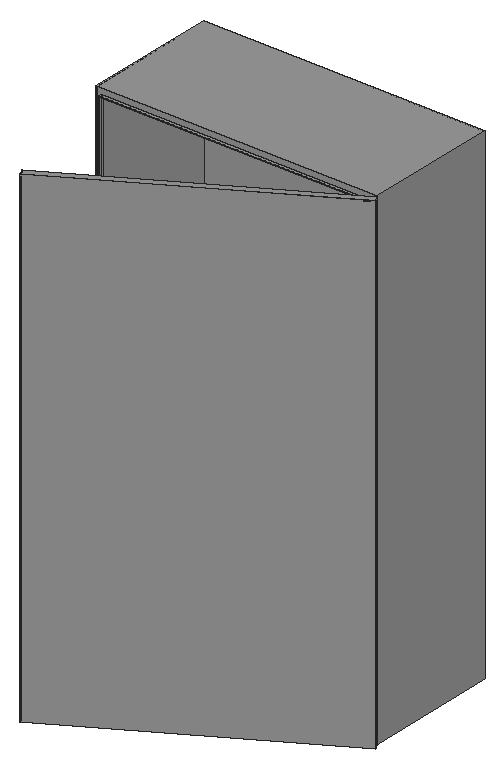
Revit family "Hager-Univers-IP55-D400-H1400-Cl.I-Steel_encl-NoHosted-NL-en", category Equipement électrique, Revit 2020
Family settings
  Configuration du panneau = Deux colonnes, circuits au sein
  Cote de connecteur circulaire = Utiliser le diamètre
  Type d'élément = Tableau de raccordement
  Basée sur le plan de construction = Oui
  Toujours verticalement = Oui
  Couper avec des vides une fois chargée = Non
  Partagée = Non
  Point de calcul de pièce = Non
Parameters (values of type "Surface mounted (plaster) IP55 W800 H1400 D400  - FR93G")
  Width Control [instance] = if([EF000008 - Width] > Min Width, [EF000008 - Width], Min Width)  # 800 mm
  Commentaires du type = [HG000003 - Range]  # "Univers"
  Thickness Door [instance] = if([EF009171 - Material plate thickness door/cover] > 3 mm, 3 mm, [EF009171 - Material plate thickness door/cover])  # 1.5 mm
  Seal Frame Offset [instance] = 17 mm  # constant formula
  Plinth Visibility [instance] = [HG000027 - Plinth height] > 0 mm  # no
  Min Width [instance] = 100 mm  # constant formula
  Min Depth [instance] = (2 * [EF009170 - Material plate thickness cabinet]) + 1 mm  # 4 mm
  Min Height [instance] = 100 mm  # constant formula
  Internal Frame Depth [instance] = (Door System Depth * 0.5)  # 9 mm
  Panel Name [instance] = ""  # (empty or 0)
  Model = ""
  HG000027 - Plinth height = 0 mm
  HG000026 - Floor standing = no
  HG000024 - Bottom section height = 600 mm
  HG000023 - Double section enclosure = no
  HG000016 - Door 3d visibility [instance] = yes
  HG000015 - Clearance visibility [instance] = no
  HG000014 - Door on the right [instance] = yes
  HG000013 - Door on the left [instance] = not([HG000014 - Door on the right])  # no
  HG000012 - Door swing angle [instance] = 30.00°
  HG000010 - Asymmetric doors = no
  HG000009 - Double swing door = no
  HG000006 - Flush mounted = no
  HG000004 - Manufacturer reference = "FR93G"
  HG000003 - Range = "Univers"
  HG000002 - With door or cover = yes
  Frame Offset Bottom [instance] = 10 mm  # constant formula
  Frame Offset [instance] = 15 mm  # constant formula
  EF015940 - Cover with overpressure release = no
  EF011959 - Degree of protection (NEMA) = ""
  EF009554 - Number of openings for flange plates = 6
  EF009212 - Cover model = "EV000116 - Closed"
  EF009171 - Material plate thickness door/cover = 1.5 mm
  EF009170 - Material plate thickness cabinet = 1.5 mm
  EF008873 - Nominal current (In) = 800 A
  EF007800 - Suitable for lightning protection = no
  EF006306 - With lock = no
  EF006244 - Transparent cover/door = no
  EF005474 - Degree of protection (IP) = "EV006420 - IP55"
  EF004464 - Type of door = "EV002646 - Single"
  EF004427 - Number of modules = 324
  EF004293 - Impact strength = "EV008784 - IK10"
  EF003532 - Suitable for outdoor use = no
  EF002950 - Width in number of modular spacings = 24
  EF001613 - Circuit integrity = "EV000494 - None"
  EF001596 - Material housing = "EV000179 - Steel"
  EF001131 - Internal depth = 400 mm
  EF001088 - Extension possible = yes
  EF000437 - Number of conduit inlets = 6
  EF000339 - Type of cover = "EV004216 - Door"
  EF000266 - Number of rows = 9
  EF000218 - Built-in depth = 0 mm
  EF000118 - With mounting plate = no
  EF000116 - RAL-number = "7035"
  EF000049 - Depth = 400 mm
  EF000040 - Height = 1400 mm
  EF000008 - Width = 800 mm
  EF000007 - Colour = "EV000270 - Grey"
  EF000003 - Mounting method = "EV000384 - Surface mounted (plaster)"
  Door System Leaf Tolerance [instance] = 1.5 mm  # constant formula
  Door System Depth [instance] = 18 mm  # constant formula
  Door Height [instance] = Height Control - [HG000027 - Plinth height]  # 1400 mm
  Description = ""
  Default Elevation = 1219.2 mm
  Connector Offset [instance] = Height Control / 2  # 700 mm
  Fabricant = "Hager"  # constant formula
  Height Control [instance] = if([EF000040 - Height] > Min Height, [EF000040 - Height], Min Height)  # 1400 mm
  Depth Control [instance] = if([EF000049 - Depth] > Min Depth, [EF000049 - Depth], Min Depth)  # 400 mm
  Bottom Top Plate Trim [instance] = 1.5 mm  # constant formula
  Plinth height Ctrl [instance] = if([HG000027 - Plinth height] > 0 mm, [HG000027 - Plinth height], 12 mm)  # 12 mm
Types (3, lengths in mm): name | Width Control | HG000009 - Double swing door | HG000004 - Manufacturer reference | EF009554 - Number of openings for flange plates | EF004464 - Type of door | EF004427 - Number of modules | EF000437 - Number of conduit inlets | EF000008 - Width
  Surface mounted (plaster) IP55 W1050 H1400 D400  - FR94G | 1050 | yes | "FR94G" | 8 | "EV003602 - Double" | 432 | 8 | 1050
  Surface mounted (plaster) IP55 W550 H1400 D400  - FR92G | 550 | no | "FR92G" | 4 | "EV002646 - Single" | 216 | 4 | 550
  Surface mounted (plaster) IP55 W800 H1400 D400  - FR93G | 800 | no | "FR93G" | 6 | "EV002646 - Single" | 324 | 6 | 800
Reference planes
  plane 1 "Center (Front/Back)": y = 0
  plane 2: z = 0
  plane 3 "Center (Left/Right)": x = 0
  plane 4: y = 0
  plane 5: y = 0
  plane 6: z = 0
  plane 7: x = -400
  plane 8: x = 400
  plane 9: x = 398.5
  plane 10: x = -398.5
  plane 11: z = 0
  plane 12: z = 1.5
  plane 13: y = -400
  plane 14: y = -1.5
  plane 15: x = 0
  plane 16: y = -382
  plane 17: y = -398.5
  plane 18: y = -380.5
  plane 19: x = -383.5
  plane 20: x = 383.5
  plane 21: z = 11.5
  plane 22: x = -383
  plane 23: x = 383
  plane 24: z = 0
  plane 25: z = 1400
  plane 26: z = 1400
  plane 27: z = 1383.5
  plane 28: z = 1398.5
Forms (mm)
  Extrusion 1, solid, material "Hager_Steel_RAL7035_Light_Grey", detail levels medium+fine
    sketch origin (-208.679, -4572, 0) x (-1, 0, 0) y (0, -1, 0)
      loop
        line (191.321, -4190) -> (-608.679, -4190) -> (-608.679, -4572) -> (191.321, -4572) -> (191.321, -4190)
    from 0 to 1400
  Extrusion 2, void
    sketch origin (-350.771, -400, 1219.2) x (1, 0, 0) y (0, 0, 1)
      loop
        line (-47.729, 179.3) -> (-47.729, -1217.7) -> (749.271, -1217.7) -> (749.271, 179.3) -> (-47.729, 179.3)
    from -19.5 to -398.5
  Extrusion 3, void
    sketch origin (-290.084, -382, 1219.2) x (1, 0, 0) y (0, 0, 1)
      loop
        line (-93.416, -1207.7) -> (673.584, -1207.7) -> (673.584, 164.3) -> (-93.416, 164.3) -> (-93.416, -1207.7)
    from 0 to -1.5
  Extrusion 4, solid, material "Hager_Steel_RAL7035_Light_Grey", visible <- "Plinth Visibility", detail levels medium+fine
    sketch origin (0, 0, 0) x (1, 0, 0) y (0, 1, 0)
      loop
        line (-400, 0) -> (-400, -382) -> (400, -382) -> (400, 0) -> (-400, 0)
    from 0 to 12 <- "Plinth height Ctrl"
  Extrusion 5, solid, material "Hager_Steel_RAL7035_Light_Grey", detail levels coarse
    sketch origin (0, 0, 0) x (1, 0, 0) y (0, 1, 0)
      loop
        line (-400, 0) -> (-400, -400) -> (400, -400) -> (400, 0) -> (-400, 0)
    from 0 to 1400 <- "Height Control"
  Sweep 6, void
    path in 3D
      loop
        line (-400, -382, 12) -> (400, -382, 12) -> (400, 0, 12) -> (-400, 0, 12) -> (-400, -382, 12)
    profile origin (-400, -191, 12) x (1, 0, 0) y (0, 0, 1)
      loop
        line (0, 0) -> (0, -1.5) -> (1.5, -1.5)
        arc (1.5, -1.5) -> (1.061, -0.439) -> (0, 0) r 1.5
  Extrusion 7, solid, material "Hager_Steel_RAL7035_Light_Grey", detail levels fine
    sketch origin (-400, -382, 0) x (1, 0, 0) y (0, 0, 1)
      loop
        line (16.5, 11.5) -> (783.5, 11.5) -> (783.5, 1383.5) -> (16.5, 1383.5) -> (16.5, 11.5)
      loop
        line (15, 10) -> (785, 10) -> (785, 1385) -> (15, 1385) -> (15, 10)
    from 0 to 9 <- "Internal Frame Depth"
Cuts and joins
  Extrusion 2, Extrusion 3 cuts Extrusion 1
  Sweep 6 cuts Extrusion 4
Lines and regions (mm)
  Masking region 1
    outline origin (0, 0, 0) x (1, 0, 0) y (0, 1, 0)
      loop
        line (-400, 0) -> (-400, -400) -> (400, -400) -> (400, 0) -> (-400, 0)
  Masking region 2, detail levels coarse
    outline origin (-290.084, -382, 1219.2) x (-1, 0, 0) y (0, 0, 1)
      loop
        line (-690.084, -1219.2) -> (109.916, -1219.2) -> (109.916, 180.8) -> (-690.084, 180.8) -> (-690.084, -1219.2)
  Masking region 3, detail levels coarse
    outline origin (0, 0, 0) x (0, 1, 0) y (0, 0, 1)
      loop
        line (0, 0) -> (0, 1400) -> (-400, 1400) -> (-400, 0) -> (0, 0)
  Masking region 4, visible <- "Plinth Visibility", detail levels medium+fine
    outline origin (0, 0, 0) x (0, 1, 0) y (0, 0, 1)
      loop
        line (-1.5, 12) -> (-380.5, 12)
        arc (-380.5, 12) -> (-380.939, 10.939) -> (-382, 10.5) r 1.5
        line (-382, 10.5) -> (-382, 0) -> (0, 0) -> (0, 10.5)
        arc (0, 10.5) -> (-1.061, 10.939) -> (-1.5, 12) r 1.5
  Masking region 5, detail levels medium+fine
    outline origin (0, 0, 594.038) x (0, 1, 0) y (0, 0, 1)
      loop
        line (0, -594.038) -> (0, 805.962) -> (-382, 805.962) -> (-382, -594.038) -> (0, -594.038)
  Masking region 6, detail levels medium+fine
    outline origin (-359.7, -382, 1211.883) x (-1, 0, 0) y (0, 0, 1)
      loop
        line (-759.7, -1211.883) -> (40.3, -1211.883) -> (40.3, 188.117) -> (-759.7, 188.117) -> (-759.7, -1211.883)
  Masking region 7, visible <- "Plinth Visibility", detail levels medium+fine
    outline origin (-320.334, -382, 1041.368) x (-1, 0, 0) y (0, 0, 1)
      loop
        line (-720.334, -1041.368) -> (79.666, -1041.368) -> (79.666, -1030.868)
        arc (79.666, -1030.868) -> (78.606, -1030.429) -> (78.166, -1029.368) r 1.5
        line (78.166, -1029.368) -> (-718.834, -1029.368)
        arc (-718.834, -1029.368) -> (-719.273, -1030.429) -> (-720.334, -1030.868) r 1.5
        line (-720.334, -1030.868) -> (-720.334, -1041.368)
  sketch lines
    curve 1: line (-400, 0, 12) -> (-400, -382, 12)
    curve 2: line (-400, -382, 12) -> (400, -382, 12)
    curve 3: line (400, 0, 12) -> (-400, 0, 12)
    curve 4: line (400, -382, 12) -> (400, 0, 12)
Dimensions and locks
  locked: plane 1 "Center (Front/Back)" to plane 5
  "EF009170 - Material plate thickness cabinet": plane 7 to plane 10
  "EF009170 - Material plate thickness cabinet": plane 8 to plane 9
  equal spacing: plane 7, plane 3 "Center (Left/Right)", plane 8
  "Width Control": plane 7 to plane 8
  "Depth Control": plane 4 to plane 13
  "EF009170 - Material plate thickness cabinet": plane 4 to plane 14
  "Height Control": plane 25 to level
  "HG000027 - Plinth height": plane 11 to level
  "EF009170 - Material plate thickness cabinet": plane 12 to plane 11
  "EF009170 - Material plate thickness cabinet": plane 17 to plane 13
  "EF009170 - Material plate thickness cabinet": plane 18 to plane 16
  "Frame Offset Bottom": plane 21 to plane 12
  "Frame Offset": plane 10 to plane 19
  "Frame Offset": plane 9 to plane 20
  "Door System Depth": plane 16 to plane 13
  "Seal Frame Offset": plane 7 to plane 22
  "Seal Frame Offset": plane 8 to plane 23
  "EF009170 - Material plate thickness cabinet": plane 26 to plane 28
  "Frame Offset": plane 28 to plane 27
  "Connector Offset": plane 2 to connector elem
  "Bottom Top Plate Trim": profile plane to Sweep 6 sketch curve
  "Bottom Top Plate Trim": Sweep 6 sketch curve to Sweep 6 sketch curve
  "Plinth height Ctrl": Masking region 4 sketch curve to level
  "Plinth height Ctrl": Masking region 7 sketch curve to level
  "Thickness Door": Extrusion 7 sketch curve to Extrusion 7 sketch curve  (x4)
  "Bottom Top Plate Trim": radius of Sweep 6 sketch curve
  "Bottom Top Plate Trim": radius of Masking region 4 sketch curve  (x2)
  "Bottom Top Plate Trim": radius of Masking region 7 sketch curve  (x2)
  aligned and locked: Extrusion 2 sketch curve to plane 12
  aligned and locked: Extrusion 2 sketch curve to plane 9
  aligned and locked: Extrusion 2 sketch curve to plane 10
  aligned and locked: Extrusion 2 to plane 14
  aligned and locked: Extrusion 1 sketch curve to plane 4
  aligned and locked: plane 8 to Extrusion 1 sketch curve
  aligned and locked: plane 7 to Extrusion 1 sketch curve
  aligned and locked: Extrusion 2 to plane 18
  aligned and locked: Extrusion 3 sketch curve to plane 19
  aligned and locked: plane 20 to Extrusion 3 sketch curve
  aligned and locked: Extrusion 3 to Extrusion 2
  aligned and locked: Extrusion 3 sketch curve to plane 21
  aligned and locked: plane 3 "Center (Left/Right)" to nested 1
  aligned and locked: Extrusion 1 sketch curve to plane 16
  aligned and locked: Extrusion 4 sketch curve to cut or joined group of Extrusion 1, Extrusion 2, Extrusion 3
  aligned and locked: Masking region 1 sketch curve to plane 7
  aligned and locked: Masking region 1 sketch curve to plane 5
  aligned and locked: Masking region 1 sketch curve to plane 8
  aligned and locked: Masking region 2 sketch curve to level
  aligned and locked: level to Masking region 3 sketch curve
  aligned and locked: plane 1 "Center (Front/Back)" to Masking region 3 sketch curve
  aligned and locked: plane 13 to Masking region 3 sketch curve
  aligned and locked: plane 5 to Masking region 4 sketch curve
  aligned and locked: Masking region 2 sketch curve to plane 8
  aligned and locked: Masking region 2 sketch curve to plane 7
  aligned and locked: plane 7 to nested 2
  aligned and locked: nested 2 to plane 5
  aligned and locked: plane 5 to Masking region 5 sketch curve
  aligned and locked: plane 26 to Masking region 5 sketch curve
  aligned and locked: Extrusion 5 sketch curve to plane 8
  aligned and locked: Extrusion 5 sketch curve to plane 7
  aligned and locked: Extrusion 5 sketch curve to plane 5
  aligned and locked: Extrusion 3 sketch curve to plane 27
  aligned and locked: Extrusion 2 sketch curve to plane 28
  aligned and locked: Masking region 2 to plane 25
  aligned and locked: Extrusion 4 to plane 16
  aligned and locked: profile plane to Sweep 6 sketch curve
  aligned and locked: Masking region 5 sketch curve to plane 24
  aligned and locked: level to Masking region 4 sketch curve
  aligned and locked: Masking region 1 to plane 13
  aligned and locked: nested 1 to plane 16
  aligned and locked: Masking region 3 to plane 25
  aligned and locked: plane 16 to Masking region 4 sketch curve
  aligned and locked: Masking region 5 sketch curve to plane 16
  aligned and locked: plane 24 to plane 11
  aligned and locked: plane 26 to plane 25
  aligned and locked: plane 26 to cut or joined group of Extrusion 1, Extrusion 2, Extrusion 3
  aligned and locked: nested 1 to plane 24
  aligned and locked: Extrusion 1 to Extrusion 3
  aligned and locked: Masking region 6 sketch curve to plane 8
  aligned and locked: Masking region 6 sketch curve to plane 24
  aligned and locked: Masking region 6 sketch curve to plane 7
  aligned and locked: Masking region 6 sketch curve to plane 26
  aligned and locked: Masking region 7 sketch curve to plane 7
  aligned and locked: level to Masking region 7 sketch curve
  aligned and locked: Masking region 7 sketch curve to plane 8
  aligned and locked: Extrusion 7 sketch curve to cut or joined group of Extrusion 1, Extrusion 2, Extrusion 3  (x4)
Automatic sketch dimensions
  plane 19 to Extrusion 3 sketch curve = 0 mm
  Extrusion 3 sketch curve to plane 20 = 0 mm
  Extrusion 3 sketch curve to plane 21 = 0 mm
  Extrusion 4 sketch curve to plane 7 = 0 mm
  Extrusion 4 sketch curve to plane 8 = 0 mm
  Extrusion 4 sketch curve to plane 16 = 0 mm
  Masking region 1 sketch curve to plane 13 = 0 mm
  Masking region 2 sketch curve to plane 25 = 0 mm
  Masking region 3 sketch curve to plane 25 = 0 mm
  Extrusion 5 sketch curve to plane 13 = 0 mm
  profile plane to Sweep 6 sketch curve = 0 mm
Nested families
  nested 1: "EC000058_Univers_Door" at (0, -382, 0), Double <- "HG000009 - Double swing door", Transparent <- "EF006244 - Transparent cover/door", Angle <- "HG000012 - Door swing angle", Door_Right <- "HG000014 - Door on the right", Assymetrical <- "HG000010 - Asymmetric doors", Door <- "HG000002 - With door or cover", Width_Ctrl <- "Width Control", 3d_Door <- "HG000016 - Door 3d visibility", Clearance <- "HG000015 - Clearance visibility", Door_Left <- "HG000013 - Door on the left", Width <- "Width Control", Door_Depth <- "Door System Depth", Leaf_Tolerance <- "Door System Leaf Tolerance", Height <- "Door Height", Lock_Visibility <- "EF006306 - With lock", Thickness <- "Thickness Door", type "EC000058_Univers_Door", detail levels medium+fine
    with min_wh 4 mm, Width_Ctrl 800 mm, Width 800 mm, Transparent no, Thickness 1.5 mm, Seal_Material Hager_Rubber, Lock_Visibility no, Lock_Material Hager_Plastic_RAL9005_Jet_Black, Leaf_Width 800 mm, Leaf_Tolerance_External_Sides 0 mm, Leaf_Tolerance 1.5 mm, Leaf_Offset 0 mm, Leaf_Height 1397 mm, Leaf_2_Width 800 mm, Leaf_2_Offset 400 mm, Leaf_1_Width 800 mm, Leaf_1_Offset 400 mm, Height_Ctrl 1400 mm, Height 1400 mm, Glass_Material Hager_Glass, Double_Clearance_Ctrl no, Double no, Door_Right_Ctrl yes, Door_Right yes, Door_Material Hager_Steel_RAL7035_Light_Grey, Door_Left_Ctrl no, Door_Left no, Door_Depth 18 mm, Door yes, Clearance_Material Hager_Clearance, Clearance_Depth 800 mm, Clearance_Ctrl no, Clearance no, Assymetrical no, Angle 30.00°, 3d_Door yes
  nested 2: "Hager_Enclosure_Symbol" at (-400, 0, 0), Height <- "Depth Control", Width <- "Width Control", type "Hager_Enclosure_Symbol"
    with Width_Ctrl 800 mm, Width 800 mm, Height_Ctrl 400 mm, Height 400 mm, A_Width_Int 26.25 mm, A_Width 315 mm, A_Height_Ctrl 350 mm, A_Height 350 mm
Connectors
  electrical at (0, 0, 700)
    settings: on plane 1 "Center (Front/Back)", index 1, voltage 0 V, apparent load 0 VA, apparent load phase1 0 VA, apparent load phase2 0 VA, apparent load phase3 0 VA, power factor 1, load classification "Other", number of poles 1, system type 30, power factor state 1, is connector primary yes, connector utility no, sub classification motor no, connector description ""
Definition of nested family "EC000058_Univers_Door"
  Parameters (values of type "EC000058_Univers_Door")
    min_wh [instance] = (2 * Thickness) + 1 mm  # 11 mm
    Width_Ctrl [instance] = 400 mm
    Width [instance] = 500 mm
    Transparent [instance] = yes
    Thickness [instance] = 5 mm
    Seal_Material [instance] = none
    Lock_Visibility [instance] = yes
    Lock_Material [instance] = none
    Leaf_Width [instance] = if((Width_Ctrl - 2 * Leaf_Tolerance_External_Sides) > 0 mm, (Width_Ctrl - 2 * Leaf_Tolerance_External_Sides), min_wh)  # 400 mm
    Leaf_Tolerance_External_Sides [instance] = 0 mm  # constant formula
    Leaf_Tolerance [instance] = 1.5 mm
    Leaf_Offset [instance] = 0 mm  # constant formula
    Leaf_Height [instance] = if((Height_Ctrl - 2 * Leaf_Tolerance) > 0 mm, (Height_Ctrl - 2 * Leaf_Tolerance), min_wh)  # 497 mm
    Leaf_2_Width [instance] = if(and(and(Double, Assymetrical), Door_Left), (Leaf_Width / 3) - (Leaf_Tolerance / 2), if(and(and(Double, Assymetrical), Door_Right), (Leaf_Width / 3) * 2 - (Leaf_Tolerance / 2), if(and(Double, not(Assymetrical)), (Leaf_Width / 2) - Leaf_Tolerance, Leaf_Width)))  # 400 mm
    Leaf_2_Offset [instance] = if(and(Double, Assymetrical), Leaf_2_Width / 2, if(and(Double, not(Assymetrical)), Leaf_Width / 4, Leaf_Width / 2))  # 200 mm
    Leaf_1_Width [instance] = if(and(and(Double, Assymetrical), Door_Right), (Leaf_Width / 3) - (Leaf_Tolerance / 2), if(and(and(Double, Assymetrical), Door_Left), (Width / 3) * 2 - (Leaf_Tolerance / 2), if(and(Double, not(Assymetrical)), (Leaf_Width / 2) - Leaf_Tolerance, Leaf_Width)))  # 400 mm
    Leaf_1_Offset [instance] = if(and(Double, Assymetrical), Leaf_1_Width / 2, if(and(Double, not(Assymetrical)), Leaf_Width / 4, Leaf_Width / 2))  # 200 mm
    Height_Ctrl [instance] = if(Height > min_wh, Height, min_wh)  # 500 mm
    Height [instance] = 500 mm
    Glass_Material [instance] = none
    Double_Clearance_Ctrl [instance] = and(Double, Clearance)  # no
    Double [instance] = no
    Door_Right_Ctrl [instance] = and(or(Door_Right, Double), Door)  # yes
    Door_Right [instance] = yes
    Door_Material [instance] = none
    Door_Left_Ctrl [instance] = and(or(Door_Left, Double), Door)  # no
    Door_Left [instance] = no
    Door_Depth [instance] = 30 mm
    Door [instance] = yes
    Default Elevation = 1219.2 mm
    Clearance_Material [instance] = none
    Clearance_Depth [instance] = if(Leaf_1_Width > Leaf_2_Width, Leaf_1_Width, Leaf_2_Width)  # 400 mm
    Clearance_Ctrl [instance] = and(not(Double), Clearance)  # yes
    Clearance [instance] = yes
    Assymetrical [instance] = yes
    Angle [instance] = 30.00°
    3d_Door [instance] = yes
  Reference planes
    plane 1 "Center (Front/Back)": y = 0
    plane 2 "Bottom": z = 0
    plane 3 "Center (Left/Right)": x = 0
    plane 4: z = 500
    plane 5: x = -200
    plane 6: x = 200
    plane 7: z = 500
    plane 8: x = -200
    plane 9: z = 0
    plane 10: x = 200
    plane 11: y = 0
    plane 12: z = 1.5
    plane 13: x = -600
    plane 14: y = -400
    plane 15: x = 600
    plane 16: x = 0
    plane 17: x = 0
    plane 18: x = -200
    plane 19: x = 200
    plane 20: z = 498.5
  Forms (mm)
    Extrusion 1, solid, material <- "Clearance_Material", visible <- "Double_Clearance_Ctrl"
      sketch origin (1200, 0, 0) x (1, 0, 0) y (0, 0, -1)
        loop
          line (-1800, -498.5) -> (-600, -498.5) -> (-600, 0) -> (-1800, 0) -> (-1800, -498.5)
      from 0 to -400
  Dimensions and locks
    equal spacing: plane 5, plane 3 "Center (Left/Right)", plane 6
    "Width_Ctrl": plane 5 to plane 6
    "Leaf_Offset": plane 5 to plane 8
    "Leaf_Offset": plane 6 to plane 10
    "Leaf_Offset": plane 9 to level
    "Leaf_Offset": plane 4 to plane 7
    "Height_Ctrl": plane 4 to level
    "Leaf_Tolerance": plane 12 to plane 9
    locked: plane 11 to plane 1 "Center (Front/Back)"
    "Leaf_1_Offset": plane 18 to plane 16
    "Leaf_2_Offset": plane 17 to plane 19
    "Leaf_1_Width": plane 13 to plane 8
    "Leaf_2_Width": plane 10 to plane 15
    "Clearance_Depth": plane 14 to plane 1 "Center (Front/Back)"
    "Leaf_Tolerance_External_Sides": plane 8 to plane 18
    "Leaf_Tolerance_External_Sides": plane 19 to plane 10
    "Leaf_Tolerance": plane 7 to plane 20
    aligned and locked: level to plane 2 "Bottom"
    aligned and locked: nested 1 to plane 16
    aligned and locked: nested 2 to plane 17
    aligned and locked: Extrusion 1 to plane 13
    aligned and locked: plane 15 to Extrusion 1
    aligned and locked: Extrusion 1 to plane 14
    aligned and locked: plane 12 to nested 1
    aligned and locked: nested 2 to plane 12
    aligned and locked: Extrusion 1 to plane 11
    aligned and locked: plane 20 to Extrusion 1
    aligned and locked: nested 2 to plane 11
    aligned and locked: nested 1 to plane 11
  Automatic sketch dimensions
    Extrusion 1 sketch curve to level = 0 mm
    plane 5 to Extrusion 1 sketch curve = 400 mm
    plane 6 to Extrusion 1 sketch curve = 400 mm
    Extrusion 1 sketch curve to plane 4 = 1.5 mm
  Nested families
    nested 1: "EC000058_Univers_Door_Leaf" at (0, 0, 1.5), Width <- "Leaf_1_Width", visible <- "Door_Left_Ctrl", Leaf_Height <- "Leaf_Height", Angle <- "Angle", 3d_Door <- "3d_Door", Transparent <- "Transparent", Clearance Material <- "Clearance_Material", Clearance <- "Clearance_Ctrl", Door_Material <- "Door_Material", Glass_Material <- "Glass_Material", Door_Depth <- "Door_Depth", Lock_Material <- "Lock_Material", Seal_Material <- "Seal_Material", Lock_Visibility <- "Lock_Visibility", Thickness <- "Thickness", type "EC000058_Univers_Door_Leaf"
      with Width 400 mm, Transparent_Glass_Offset 30 mm, Transparent_Ctrl yes, Transparent yes, Thickness 5 mm, Standard no, Seal_Material none, Seal_D2 8 mm, Seal_D1 1 mm, Offset_Internal_Frame 10 mm, Lock_Width 20 mm, Lock_Visibility_3d yes, Lock_Visibility yes, Lock_Thickness_3 3 mm, Lock_Thickness_2 1 mm, Lock_Thickness_1 3 mm, Lock_Radius_Offset_2 16 mm, Lock_Radius_Offset_1 15 mm, Lock_Radius_2 5 mm, Lock_Radius 6 mm, Lock_Offset 5 mm, Lock_Material none, Lock_Height 80 mm, Lock_Cover_Top_Offset_2d 17 mm, Lock_Cover_Height -65 mm, Leaf_Height 497 mm, Internal_Seal_Thickness 8 mm, Internal_Seal_Depth_2 4.5 mm, Internal_Frame_Depth 25 mm, Glass_Thickness -1 mm, Glass_Offset -2 mm, Glass_Material none, Door_Material none, Door_Depth 30 mm, Clearance Material none, Clearance yes, Angle_Ctrl 30.00°, Angle 30.00°, 3d_Door yes
    nested 2: "EC000058_Univers_Door_Leaf" at (0, 0, 1.5) x (-1, 0, 0) z (0, 0, 1), Width <- "Leaf_2_Width", visible <- "Door_Right_Ctrl", Leaf_Height <- "Leaf_Height", Angle <- "Angle", 3d_Door <- "3d_Door", Transparent <- "Transparent", Clearance Material <- "Clearance_Material", Clearance <- "Clearance_Ctrl", Door_Material <- "Door_Material", Glass_Material <- "Glass_Material", Door_Depth <- "Door_Depth", Lock_Material <- "Lock_Material", Seal_Material <- "Seal_Material", Lock_Visibility <- "Lock_Visibility", Thickness <- "Thickness", type "EC000058_Univers_Door_Leaf"
      with Width 400 mm, Transparent_Glass_Offset 30 mm, Transparent_Ctrl yes, Transparent yes, Thickness 5 mm, Standard no, Seal_Material none, Seal_D2 8 mm, Seal_D1 1 mm, Offset_Internal_Frame 10 mm, Lock_Width 20 mm, Lock_Visibility_3d yes, Lock_Visibility yes, Lock_Thickness_3 3 mm, Lock_Thickness_2 1 mm, Lock_Thickness_1 3 mm, Lock_Radius_Offset_2 16 mm, Lock_Radius_Offset_1 15 mm, Lock_Radius_2 5 mm, Lock_Radius 6 mm, Lock_Offset 5 mm, Lock_Material none, Lock_Height 80 mm, Lock_Cover_Top_Offset_2d 17 mm, Lock_Cover_Height -65 mm, Leaf_Height 497 mm, Internal_Seal_Thickness 8 mm, Internal_Seal_Depth_2 4.5 mm, Internal_Frame_Depth 25 mm, Glass_Thickness -1 mm, Glass_Offset -2 mm, Glass_Material none, Door_Material none, Door_Depth 30 mm, Clearance Material none, Clearance yes, Angle_Ctrl 30.00°, Angle 30.00°, 3d_Door yes
  Definition of nested family "EC000058_Univers_Door_Leaf"
    Parameters (values of type "EC000058_Univers_Door_Leaf")
      Width [instance] = 2000 mm
      Transparent_Glass_Offset [instance] = 30 mm
      Transparent_Ctrl [instance] = and(Transparent, [3d_Door])  # yes
      Transparent [instance] = yes
      Thickness [instance] = 5 mm
      Standard [instance] = and(not(Transparent), [3d_Door])  # no
      Seal_Material [instance] = none
      Seal_D2 [instance] = 8 mm  # constant formula
      Seal_D1 [instance] = 1 mm  # constant formula
      Offset_Internal_Frame [instance] = 10 mm  # constant formula
      Lock_Width [instance] = 20 mm  # constant formula
      Lock_Visibility_3d [instance] = and(Lock_Visibility, [3d_Door])  # yes
      Lock_Visibility [instance] = yes
      Lock_Thickness_3 [instance] = 3 mm  # constant formula
      Lock_Thickness_2 [instance] = 1 mm  # constant formula
      Lock_Thickness_1 [instance] = 3 mm  # constant formula
      Lock_Radius_Offset_2 [instance] = Lock_Radius_Offset_1 + 1 mm  # 16 mm
      Lock_Radius_Offset_1 [instance] = 15 mm  # constant formula
      Lock_Radius_2 [instance] = Lock_Radius - 1 mm  # 5 mm
      Lock_Radius [instance] = 6 mm  # constant formula
      Lock_Offset [instance] = 5 mm  # constant formula
      Lock_Material [instance] = none
      Lock_Height [instance] = 80 mm  # constant formula
      Lock_Cover_Top_Offset_2d [instance] = Lock_Radius_Offset_2 + 1 mm  # 17 mm
      Lock_Cover_Height [instance] = -(Lock_Height - Lock_Radius_Offset_1)  # -65 mm
      Leaf_Height [instance] = 2720.336 mm
      Internal_Seal_Thickness [instance] = 8 mm  # constant formula
      Internal_Seal_Depth_2 [instance] = 4.5 mm  # constant formula
      Internal_Frame_Depth [instance] = if(Door_Depth - Thickness > 5 mm, Door_Depth - Thickness, 5 mm)  # 25 mm
      Glass_Thickness [instance] = if(Thickness > 15 mm, Glass_Offset + 10 mm, -1 mm)  # -1 mm
      Glass_Offset [instance] = if(Thickness > 15 mm, -(Thickness + 10 mm) / 2, -2 mm)  # -2 mm
      Glass_Material [instance] = none
      Door_Material [instance] = none
      Door_Depth [instance] = 30 mm
      Default Elevation = 0 mm
      Clearance Material [instance] = none
      Clearance [instance] = yes
      Angle_Ctrl [instance] = if(Angle > 180.00°, 180.00°, Angle)  # 90.00°
      Angle [instance] = 90.00°
      3d_Door [instance] = yes
    Reference planes
      plane 1 "Center (Front/Back)": y = 0
      plane 2: z = 0
      plane 3 "Center (Left/Right)": x = 0
      plane 4: y = 2000
      plane 5: x = -1000
      plane 6: x = 1000
      plane 7: x = -3000
      plane 8: z = 2720.336
      plane 9: z = 30
      plane 10: z = 2690.336
      plane 11: x = 970
      plane 12: x = -970
      plane 13: y = -3
      plane 14: z = 107.833
      plane 15: y = -5
      plane 16: y = -223.314
      plane 17: x = -1000
      plane 18: z = 1360.168
      plane 19: y = 30
    Forms (mm)
      Extrusion 1, solid, material <- "Clearance Material", visible <- "Clearance"
        sketch origin (0, 0, 0) x (1, 0, 0) y (0, 0, 1)
          loop
            line (-3000, 2720.336) -> (-3000, 0) -> (1000, 0) -> (1000, 2720.336) -> (-3000, 2720.336)
        from 0 to -2000
      Extrusion 2, solid, material <- "Door_Material", visible <- "Standard", detail levels medium+fine
        sketch origin (-1000, 0, 0) x (0, 1, 0) y (-1, 0, 0)
          loop
            line (0, 30) -> (0, 25) -> (2000, 25) -> (2000, 30) -> (0, 30)
        from 0 to 2720.336 <- "Leaf_Height"
      Extrusion 3, solid, material <- "Door_Material", visible <- "Transparent_Ctrl", detail levels medium+fine
        sketch origin (-1000, 0, 0) x (0, 1, 0) y (-1, 0, 0)
          loop
            line (0, 25) -> (2000, 25) -> (2000, 30) -> (0, 30) -> (0, 25)
        from 0 to 2720.336 <- "Leaf_Height"
      Extrusion 4, void
        sketch origin (-1025, 2000, 0) x (0, 1, 0) y (0, 0, -1)
          loop
            line (-30, -2690.336) -> (-30, -30) -> (-1970, -30) -> (-1970, -2690.336) -> (-30, -2690.336)
        from 0 to 5 <- "Thickness"
      Sweep 5, solid, material <- "Seal_Material", visible <- "Transparent_Ctrl", detail levels fine
        path in 3D
          loop
            line (-1025, 30, 30) -> (-1025, 30, 2690.336) -> (-1025, 1970, 2690.336) -> (-1025, 1970, 30) -> (-1025, 30, 30)
        profile origin (-1025, 1000, 30) x (1, 0, 0) y (0, 0, 1)
          loop
            line (0, 0) -> (0, -8) -> (1, -8) -> (1, 0) -> (0, 0)
      Extrusion 6, solid, material <- "Glass_Material", visible <- "Transparent_Ctrl", detail levels medium+fine
        sketch origin (-1030, 0, 0) x (0, 1, 0) y (0, 0, -1)
          loop
            line (1970, -2690.336) -> (1970, -30) -> (30, -30) -> (30, -2690.336) -> (1970, -2690.336)
        from -2 <- "Glass_Offset" to -1 <- "Glass_Thickness"
      Extrusion 7, solid, material <- "Door_Material", visible <- "3d_Door", detail levels medium+fine
        sketch origin (-1025, 2000, 0) x (0, -1, 0) y (0, 0, -1)
          loop
            line (0, -2720.336) -> (2000, -2720.336) -> (2000, 0) -> (0, 0) -> (0, -2720.336)
          loop
            line (1995, -5) -> (5, -5) -> (5, -2715.336) -> (1995, -2715.336) -> (1995, -5)
        from 0 to 25 <- "Internal_Frame_Depth"
      Sweep 8, solid, material <- "Seal_Material", visible <- "Transparent_Ctrl", detail levels fine
        path in 3D
          loop
            line (-1025, 0, 0) -> (-1025, 2000, 0) -> (-1025, 2000, 2720.336) -> (-1025, 0, 2720.336) -> (-1025, 0, 0)
        profile origin (-1025, 0, 1360.168) x (1, 0, 0) y (0, 1, 0)
          loop
            line (0, 10) -> (2.975, 10)
            arc (2.975, 10) -> (4.053, 10.447) -> (4.5, 11.525) r 1.525
            line (4.5, 11.525) -> (4.5, 16.527)
            arc (4.5, 16.527) -> (4.069, 17.569) -> (3.027, 18) r 1.473
            line (3.027, 18) -> (0, 18) -> (0, 10)
      Extrusion 9, solid, material <- "Lock_Material", visible <- "Lock_Visibility_3d", detail levels fine
        sketch origin (-1030, 0, 0) x (0, 1, 0) y (0, 0, -1)
          loop
            arc (1993.5, -1400.168) -> (1994.561, -1399.729) -> (1995, -1398.668) r 1.5
            line (1995, -1398.668) -> (1995, -1320.168) -> (1975, -1320.168) -> (1975, -1398.668)
            arc (1975, -1398.668) -> (1975.439, -1399.729) -> (1976.5, -1400.168) r 1.5
            line (1976.5, -1400.168) -> (1993.5, -1400.168)
        from 3 <- "Lock_Thickness_1" to 0
      Blend 10, solid, material <- "Lock_Material", visible <- "Lock_Visibility_3d", detail levels fine
        base sketch origin (-1033, 0, 0) x (0, 1, 0) y (0, 0, -1)
          loop
            line (1975, -1320.168) -> (1975, -1398.668)
            arc (1975, -1398.668) -> (1975.439, -1399.729) -> (1976.5, -1400.168) r 1.5
            line (1976.5, -1400.168) -> (1993.5, -1400.168)
            arc (1993.5, -1400.168) -> (1994.561, -1399.729) -> (1995, -1398.668) r 1.5
            line (1995, -1398.668) -> (1995, -1320.168) -> (1975, -1320.168)
        top sketch origin (-1033, 0, 0) x (0, 1, 0) y (0, 0, -1)
          loop
            line (1976, -1320.168) -> (1976, -1398.668)
            arc (1976, -1398.668) -> (1976.146, -1399.022) -> (1976.5, -1399.168) r 0.5
            line (1976.5, -1399.168) -> (1993.5, -1399.168)
            arc (1993.5, -1399.168) -> (1993.854, -1399.022) -> (1994, -1398.668) r 0.5
            line (1994, -1398.668) -> (1994, -1320.168) -> (1976, -1320.168)
        from 0 to 1 <- "Lock_Thickness_2"
      Blend 11, solid, material <- "Lock_Material", visible <- "Lock_Visibility_3d", detail levels fine
        base sketch origin (-1034, 0, 0) x (0, 1, 0) y (0, 0, -1)
          loop
            line (1978, -1320.168) -> (1978, -1384.168)
            arc (1978, -1384.168) -> (1985, -1391.168) -> (1992, -1384.168) r 7
            line (1992, -1384.168) -> (1992, -1320.168) -> (1978, -1320.168)
        top sketch origin (-1034, 0, 0) x (0, 1, 0) y (0, 0, -1)
          loop
            line (1991, -1320.168) -> (1979, -1320.168) -> (1979, -1383.168)
            arc (1979, -1383.168) -> (1985, -1389.168) -> (1991, -1383.168) r 6
            line (1991, -1383.168) -> (1991, -1320.168)
        from 0 to 3 <- "Lock_Thickness_3"
      Extrusion 12, solid, material <- "Lock_Material", visible <- "Lock_Visibility_3d", detail levels fine
        sketch origin (-1030, 1975, 1320.168) x (1, 0, 0) y (0, -1, 0)
          loop
            line (-7, -19) -> (-7, -1) -> (0, -1) -> (0, 0) -> (-8, 0) -> (-8, -20) -> (0, -20) -> (0, -19) -> (-7, -19)
        from 0 to -65 <- "Lock_Cover_Height"
      Extrusion 13, void
        sketch origin (-1038, 1995, 1320.168) x (-1, 0, 0) y (0, 0, -1)
          loop
            line (-5, -65) -> (0, -65) -> (-5, -60) -> (-5, -65)
        from 0 to 20 <- "Lock_Width"
      Extrusion 14, void
        sketch origin (-1038, 1975, 1320.168) x (0, -1, 0) y (0, 0, -1)
          loop
            circle (-10, -15.995) r 6
          loop
            circle (-10, -15.995) r 5
        from 0 to 2
      Extrusion 15, solid, material <- "Lock_Material", visible <- "Lock_Visibility_3d", detail levels medium
        sketch origin (-1030, 0, 0) x (0, 1, 0) y (0, 0, -1)
          loop
            arc (1993.5, -1400.168) -> (1994.561, -1399.729) -> (1995, -1398.668) r 1.5
            line (1995, -1398.668) -> (1995, -1320.168) -> (1975, -1320.168) -> (1975, -1398.668)
            arc (1975, -1398.668) -> (1975.439, -1399.729) -> (1976.5, -1400.168) r 1.5
            line (1976.5, -1400.168) -> (1993.5, -1400.168)
        from 8 to 0
    Cuts and joins
      Extrusion 4 cuts Extrusion 3
      Extrusion 13, Extrusion 14 cuts Extrusion 9
      Extrusion 14 cuts Blend 11
      Extrusion 13, Extrusion 14 cuts Extrusion 12
      joined: Extrusion 9, Blend 10, Blend 11, Extrusion 12
      Extrusion 14 cuts Extrusion 15
    Lines and regions (mm)
      Masking region 1, visible <- "Lock_Visibility", detail levels fine
        outline origin (0, 0, 0) x (0, 1, 0) y (0, 0, 1)
          loop
            line (30, 1320.168) -> (33, 1320.168) -> (33, 1400.168) -> (30, 1400.168) -> (30, 1320.168)
      Masking region 2, visible <- "Lock_Visibility", detail levels fine
        outline origin (0, 3.143, 0) x (0, 1, 0) y (0, 0, 1)
          loop
            line (29.857, 1354.168) -> (30.857, 1354.168) -> (30.857, 1366.168) -> (29.857, 1366.168) -> (29.857, 1354.168)
      Masking region 3, detail levels medium+fine
        outline origin (0, 0, 0) x (0, 1, 0) y (0, 0, 1)
          loop
            line (0, 0) -> (30, 0) -> (30, 2720.336) -> (0, 2720.336) -> (0, 0)
      Masking region 4, detail levels medium+fine
        outline origin (0, 0, 0) x (1, 0, 0) y (0, 0, 1)
          loop
            line (-1000, 2720.336) -> (-1000, 0) -> (1000, 0) -> (1000, 2720.336) -> (-1000, 2720.336)
      Masking region 5, visible <- "Lock_Visibility", detail levels fine
        outline origin (-47.116, 0, 0) x (1, 0, 0) y (0, 0, 1)
          loop
            arc (1024.616, 1399.168) -> (1023.556, 1398.729) -> (1023.116, 1397.668) r 1.5
            line (1023.116, 1397.668) -> (1023.116, 1320.168) -> (1041.116, 1320.168) -> (1041.116, 1397.668)
            arc (1041.116, 1397.668) -> (1040.677, 1398.729) -> (1039.616, 1399.168) r 1.5
            line (1039.616, 1399.168) -> (1024.616, 1399.168)
      Masking region 6, visible <- "Lock_Visibility", detail levels medium+fine
        outline origin (-25, 0, 0) x (1, 0, 0) y (0, 0, 1)
          loop
            arc (1001.5, 1400.168) -> (1000.439, 1399.729) -> (1000, 1398.668) r 1.5
            line (1000, 1398.668) -> (1000, 1320.168) -> (1020, 1320.168) -> (1020, 1398.668)
            arc (1020, 1398.668) -> (1019.561, 1399.729) -> (1018.5, 1400.168) r 1.5
            line (1018.5, 1400.168) -> (1001.5, 1400.168)
      Masking region 7, visible <- "Lock_Visibility", detail levels fine
        outline origin (-73.735, 0, 0) x (1, 0, 0) y (0, 0, 1)
          loop
            line (1051.735, 1382.168) -> (1065.735, 1382.168) -> (1065.735, 1384.168)
            arc (1065.735, 1384.168) -> (1058.735, 1391.168) -> (1051.735, 1384.168) r 7
            line (1051.735, 1384.168) -> (1051.735, 1382.168)
      Masking region 8, visible <- "Lock_Visibility", detail levels fine
        outline origin (-73.735, 0, 0) x (1, 0, 0) y (0, 0, 1)
          loop
            line (1052.735, 1382.168) -> (1064.735, 1382.168) -> (1064.735, 1383.168)
            arc (1064.735, 1383.168) -> (1058.735, 1389.168) -> (1052.735, 1383.168) r 6
            line (1052.735, 1383.168) -> (1052.735, 1382.168)
      Masking region 9, visible <- "Lock_Visibility", detail levels fine
        outline origin (-25, 0, 0) x (1, 0, 0) y (0, 0, 1)
          loop
            line (1020, 1320.168) -> (1020, 1382.168) -> (1000, 1382.168) -> (1000, 1320.168) -> (1020, 1320.168)
      Masking region 10, detail levels medium+fine
        outline origin (0, 0, 0) x (1, 0, 0) y (0, 0, 1)
          loop
            circle (985, 1335.144) r 6
      Masking region 11, detail levels fine
        outline origin (0, 0, 0) x (1, 0, 0) y (0, 0, 1)
          loop
            circle (985, 1335.144) r 5
      Masking region 12, visible <- "Lock_Visibility", detail levels fine
        outline origin (0, 12.767, 0) x (0, 1, 0) y (0, 0, 1)
          loop
            line (20.233, 1320.168) -> (21.233, 1320.168) -> (21.233, 1399.168) -> (20.233, 1400.168) -> (20.233, 1320.168)
      Masking region 13, visible <- "Lock_Visibility", detail levels fine
        outline origin (0, 13.767, -10) x (0, 1, 0) y (0, 0, 1)
          loop
            line (20.233, 1330.168) -> (23.233, 1330.168) -> (23.233, 1399.168) -> (20.233, 1402.168) -> (20.233, 1330.168)
      Masking region 14, visible <- "Lock_Visibility", detail levels fine
        outline origin (0, 12.767, -10) x (0, 1, 0) y (0, 0, 1)
          loop
            line (20.233, 1330.168) -> (25.233, 1330.168) -> (25.233, 1399.305) -> (20.233, 1394.305) -> (20.233, 1330.168)
      Masking region 15, visible <- "Lock_Visibility", detail levels medium
        outline origin (0, 0, 0) x (0, 1, 0) y (0, 0, 1)
          loop
            line (30, 1320.168) -> (38, 1320.168) -> (38, 1400.168) -> (30, 1400.168) -> (30, 1320.168)
      Masking region 16, visible <- "Lock_Visibility", detail levels fine
        outline origin (-1000, 0, 0) x (0, 1, 0) y (-1, 0, 0)
          loop
            line (1975, 30) -> (1995, 30) -> (1995, 38) -> (1975, 38) -> (1975, 30)
          loop
            line (1979, 37) -> (1976, 37) -> (1976, 34) -> (1978, 34) -> (1979, 37)
          loop
            line (1994, 37) -> (1991, 37) -> (1992, 34) -> (1994, 34) -> (1994, 37)
      Masking region 17, visible <- "Lock_Visibility", detail levels medium
        outline origin (-1000, 0, 0) x (0, 1, 0) y (-1, 0, 0)
          loop
            line (1975, 30) -> (1995, 30) -> (1995, 38) -> (1975, 38) -> (1975, 30)
      symbolic lines
        curve 1: line (1000, 0, 0) -> (-3000, 0, 0)
        curve 2: arc (1000, 0, 0) -> (-1000, 2000, 0) -> (-3000, 0, 0) r 2000
        curve 4: line (-1030, 0, 0) -> (-1030, 2000, 0)
      reference lines
        curve 3: line (-1000, 0, 0) -> (-1000, 2000, 0)
      symbolic lines, detail levels medium+fine
        curve 5: line (-1030, 2000, 0) -> (-1025, 2000, 0)
        curve 7: line (-1025, 0, 0) -> (-1030, 0, 0)
        curve 8: line (-1025, 0, 0) -> (-1000, 0, 0)
        curve 9: line (-1000, 0, 0) -> (-1000, 2000, 0)
        curve 10: line (-1000, 2000, 0) -> (-1025, 2000, 0)
      symbolic lines, detail levels fine
        curve 6: line (-1025, 2000, 0) -> (-1025, 0, 0)
      sketch lines
        curve 11: line (-1025, 0, 2720.336) -> (-1025, 0, 0)
        curve 12: line (-1025, 2000, 0) -> (-1025, 0, 0)
        curve 13: line (-1025, 2000, 2720.336) -> (-1025, 2000, 0)
        curve 14: line (-1025, 0, 2720.336) -> (-1025, 2000, 2720.336)
        curve 15: line (-1025, 1970, 30) -> (-1025, 30, 30)
        curve 16: line (-1025, 30, 30) -> (-1025, 30, 2690.336)
        curve 17: line (-1025, 1970, 2690.336) -> (-1025, 1970, 30)
        curve 18: line (-1025, 30, 2690.336) -> (-1025, 1970, 2690.336)
      symbolic lines, visible <- "Transparent", detail levels medium+fine
        curve 19: line (-970, 0, 2690.336) -> (970, 0, 2690.336)
        curve 20: line (-970, 0, 30) -> (-970, 0, 2690.336)
        curve 21: line (970, 0, 30) -> (-970, 0, 30)
        curve 22: line (970, 0, 2690.336) -> (970, 0, 30)
    Dimensions and locks
      "Width": plane 1 "Center (Front/Back)" to plane 4
      equal spacing: plane 5, plane 3 "Center (Left/Right)", plane 6
      "Width": plane 5 to plane 6
      "Width": plane 7 to plane 5
      "Leaf_Height": plane 8 to level
      "Width": curve 5 to curve 3
      "Width": curve 3 to curve 3
      plane 8 to plane 10 = 30 mm
      plane 9 to level = 30 mm
      plane 12 to plane 5 = 30 mm
      plane 6 to plane 11 = 30 mm
      Extrusion 1 to Extrusion 4 sketch curve = 30 mm
      "Transparent_Glass_Offset": curve 3 to Extrusion 4 sketch curve
      "Transparent_Glass_Offset": Extrusion 4 sketch curve to cut or joined group of Extrusion 3, Extrusion 4  (x2)
      cut or joined group of Extrusion 3, Extrusion 4 to Extrusion 6 sketch curve = 30 mm
      "Transparent_Glass_Offset": cut or joined group of Extrusion 3, Extrusion 4 to Extrusion 4 sketch curve
      "Thickness": curve 6 to curve 4
      "Thickness": Extrusion 7 sketch curve to Extrusion 7 sketch curve  (x4)
      "Door_Depth": curve 4 to curve 3
      "Offset_Internal_Frame": profile plane to Sweep 8 sketch curve
      "Internal_Seal_Thickness": Sweep 8 sketch curve to Sweep 8 sketch curve
      "Internal_Seal_Depth_2": profile plane to Sweep 8 sketch curve
      "Seal_D1": profile plane to Sweep 5 sketch curve
      "Seal_D2": profile plane to Sweep 5 sketch curve
      "Thickness": Extrusion 2 sketch curve to Extrusion 2 sketch curve
      equal spacing: Extrusion 9 sketch curve, plane 18, Extrusion 9 sketch curve  (x2)
      equal spacing: Masking region 1 sketch curve, plane 18, Masking region 1 sketch curve
      "Lock_Height": Masking region 1 sketch curve to Masking region 1 sketch curve
      "Lock_Radius": Masking region 2 sketch curve to plane 18 to Masking region 2 sketch curve
      Masking region 2 sketch curve to Masking region 1 = 1 mm
      "Door_Depth": plane 19 to plane 1 "Center (Front/Back)"
      "Lock_Thickness_1": Masking region 1 sketch curve to plane 19
      "Lock_Width": Extrusion 9 sketch curve to Extrusion 9 sketch curve
      "Lock_Height": Extrusion 9 sketch curve to Extrusion 9 sketch curve
      "Lock_Offset": cut or joined group of Extrusion 3, Extrusion 4 to Extrusion 9 sketch curve
      equal spacing: plane 8, plane 18, level
      "Lock_Radius_Offset_1": Blend 11 sketch curve to Blend 10
      locked: Blend 10 to Blend 11 sketch curve at 2  (x2)
      locked: var sketch to Blend 11 sketch curve at 1  (x2)
      "Lock_Radius_Offset_2": Blend 11 sketch curve to Blend 10
      locked: Extrusion 12 sketch curve to Extrusion 12 sketch curve at 1  (x3)
      Masking region 6 sketch curve to Masking region 6 sketch curve = 80 mm
      "Lock_Height": Masking region 6 sketch curve to Masking region 6 sketch curve
      "Lock_Width": Masking region 6 sketch curve to Masking region 6 sketch curve
      locked: Masking region 6 to Masking region 5 sketch curve at 1  (x3)
      locked: Masking region 5 to Masking region 7 sketch curve at 2  (x2)
      "Lock_Radius_Offset_1": Masking region 5 to Masking region 7 sketch curve
      "Lock_Radius_Offset_2": Masking region 5 to Masking region 8 sketch curve
      locked: Masking region 7 to Masking region 8 sketch curve at 1  (x2)
      "Lock_Cover_Top_Offset_2d": Masking region 5 to Masking region 9 sketch curve
      equal spacing: Masking region 9, Masking region 10 sketch curve, Masking region 9
      equal spacing: Masking region 9, Masking region 11 sketch curve, Masking region 9
      Extrusion 15 sketch curve to Extrusion 15 sketch curve = 80 mm
      "Lock_Width": Extrusion 15 sketch curve to Extrusion 15 sketch curve
      "Lock_Height": Extrusion 15 sketch curve to Extrusion 15 sketch curve
      equal spacing: Extrusion 15 sketch curve, plane 18, Extrusion 15 sketch curve
      "Lock_Thickness_3": Masking region 13 sketch curve to Masking region 13 sketch curve
      "Lock_Height": Masking region 12 sketch curve to Masking region 12 sketch curve
      locked: Masking region 13 sketch curve to Masking region 1 at 8
      locked: Masking region 14 sketch curve to Masking region 13 at 1
      locked: Masking region 14 sketch curve to Masking region 1 at 10.863
      "Lock_Height": Masking region 15 sketch curve to Masking region 15 sketch curve
      "Lock_Offset": Extrusion 15 sketch curve to cut or joined group of Extrusion 3, Extrusion 4
      "Lock_Offset": plane 6 to Masking region 6 sketch curve
      radius of Sweep 8 sketch curve = 1.525 mm
      radius of Sweep 8 sketch curve = 1.473 mm
      radius of Extrusion 9 sketch curve = 1.5 mm  (x2)
      "Lock_Radius": radius of Extrusion 14 sketch curve
      "Lock_Radius_2": radius of Extrusion 14 sketch curve
      "Lock_Radius": radius of Masking region 10 sketch curve
      "Lock_Radius_2": radius of Masking region 11 sketch curve
      radius of Extrusion 15 sketch curve = 1.5 mm  (x2)
      "Angle_Ctrl": angle plane 1 "Center (Front/Back)" to curve 3
      locked: Masking region 12 sketch curve to Masking region 12 sketch curve (angle 45.00°)
      locked: Masking region 13 sketch curve to Masking region 13 sketch curve (angle 45.00°)
      locked: Masking region 14 sketch curve to Masking region 14 sketch curve (angle 45.00°)
      aligned and locked: level to plane 2
      aligned and locked: Extrusion 1 to curve 1
      aligned and locked: plane 6 to Extrusion 1
      aligned and locked: Extrusion 1 to plane 1 "Center (Front/Back)"
      aligned and locked: plane 4 to Extrusion 1
      aligned and locked: plane 8 to Extrusion 1
      aligned and locked: curve 7 to Extrusion 2 sketch curve
      aligned and locked: curve 5 to Extrusion 2 sketch curve
      aligned and locked: curve 7 to Extrusion 3 sketch curve
      aligned and locked: Extrusion 3 sketch curve to curve 4
      aligned and locked: Extrusion 3 sketch curve to curve 6
      aligned and locked: Extrusion 3 sketch curve to curve 5
      aligned and locked: curve 9 to curve 3
      aligned and locked: Extrusion 7 sketch curve to cut or joined group of Extrusion 3, Extrusion 4  (x4)
      aligned and locked: plane 17 to curve 3
      aligned and locked: plane 1 "Center (Front/Back)" to curve 3
      aligned and locked: plane 17 to plane 5
      aligned and locked: Sweep 8 sketch curve to profile plane
      aligned and locked: Sweep 5 sketch curve to profile plane  (x2)
      aligned and locked: Masking region 1 to Masking region 2 sketch curve
      aligned and locked: plane 19 to Masking region 1 sketch curve
      aligned and locked: plane 1 "Center (Front/Back)" to Masking region 3 sketch curve
      aligned and locked: plane 19 to Masking region 3 sketch curve
      aligned and locked: level to Masking region 3 sketch curve
      aligned and locked: Masking region 3 sketch curve to plane 8
      aligned and locked: plane 17 to Masking region 4 sketch curve
      aligned and locked: level to Masking region 4 sketch curve
      aligned and locked: Masking region 4 sketch curve to plane 8
      aligned and locked: plane 12 to curve 20
      aligned and locked: plane 10 to curve 19
      aligned and locked: plane 11 to curve 22
      aligned and locked: curve 21 to plane 9
      aligned and locked: Extrusion 2 sketch curve to cut or joined group of Extrusion 3, Extrusion 4
      aligned and locked: Blend 10 sketch curve to Extrusion 9  (x4)
      aligned and locked: Extrusion 9 to Blend 10 sketch curve
      aligned and locked: Blend 10 to Blend 11 sketch curve
      aligned and locked: Extrusion 12 sketch curve to Blend 11
      aligned and locked: Extrusion 12 sketch curve to Extrusion 9  (x4)
      aligned and locked: Masking region 5 sketch curve to Masking region 6
      aligned and locked: Masking region 9 sketch curve to Masking region 6  (x3)
      aligned and locked: Masking region 12 sketch curve to Masking region 1
      aligned and locked: Masking region 13 sketch curve to Masking region 1
      aligned and locked: Masking region 12 to Masking region 14
      aligned and locked: Masking region 14 sketch curve to Masking region 1
      aligned and locked: Masking region 15 sketch curve to Masking region 14
      aligned and locked: Masking region 13 sketch curve to Masking region 12
      aligned and locked: Masking region 16 sketch curve to cut or joined group of Extrusion 14, Extrusion 15  (x4)
      aligned and locked: Masking region 16 sketch curve to cut or joined group of Extrusion 9, Blend 10, Blend 11, Extrusion 12, Extrusion 13, Extrusion 14  (x6)
      aligned and locked: cut or joined group of Extrusion 9, Blend 10, Blend 11, Extrusion 12, Extrusion 13, Extrusion 14 to Masking region 16 sketch curve
      aligned and locked: Masking region 17 sketch curve to cut or joined group of Extrusion 14, Extrusion 15  (x3)
      aligned and locked: Masking region 17 sketch curve to cut or joined group of Extrusion 9, Blend 10, Blend 11, Extrusion 12, Extrusion 13, Extrusion 14
      aligned and locked: Masking region 9 to Masking region 8 sketch curve
      aligned and locked: Masking region 9 to Masking region 7 sketch curve
    Automatic sketch dimensions
      plane 1 "Center (Front/Back)" to curve 2 = 0 mm
      curve 2 to plane 5 = 0 mm
      Extrusion 1 sketch curve to level = 0 mm
      Extrusion 1 sketch curve to plane 7 = 0 mm
      Extrusion 1 sketch curve to plane 6 = 0 mm
      Extrusion 1 sketch curve to plane 8 = 0 mm
      Extrusion 3 to Extrusion 6 sketch curve = 30 mm  (x4)
      Masking region 4 sketch curve to plane 6 = 0 mm
      Blend 10 sketch curve to Extrusion 9 = 1.5 mm
      Blend 10 sketch curve to Extrusion 9 = 1 mm
      Extrusion 13 sketch curve to Extrusion 12 = 0 mm  (x2)
      Extrusion 12 to Extrusion 13 sketch curve = 3 mm
      Extrusion 13 sketch curve to Extrusion 12 = 5 mm
      Extrusion 14 sketch curve to Extrusion 14 sketch curve = 0 mm  (x2)
      Extrusion 14 sketch curve to Extrusion 12 = 10 mm
      Extrusion 14 sketch curve to Extrusion 12 = 15.995 mm
      Masking region 5 sketch curve to Masking region 5 sketch curve = 1.5 mm  (x2)
      Masking region 10 sketch curve to plane 18 = 25.024 mm
      Masking region 11 sketch curve to plane 18 = 25.024 mm
      plane 19 to Masking region 14 sketch curve = 3 mm
      Masking region 16 sketch curve to Masking region 16 sketch curve = 3 mm
      curve 4 to curve 3 = 0 mm
      Blend 10 to Blend 11 sketch curve = 0 mm
      Masking region 6 sketch curve to Masking region 6 sketch curve = 1.5 mm  (x2)
      Masking region 6 sketch curve to plane 18 = 40 mm
      plane 19 to Masking region 12 sketch curve = 3 mm
      Masking region 12 sketch curve to Masking region 12 sketch curve = 1 mm
      Masking region 15 sketch curve to plane 19 = 0 mm
      Masking region 15 sketch curve to plane 18 = 40 mm
      radius of Blend 10 sketch curve to Extrusion 9 = 1 mm
Definition of nested family "Hager_Enclosure_Symbol"
  Parameters (values of type "Hager_Enclosure_Symbol")
    Width_Ctrl [instance] = if(Width > 1 mm, Width, 1 mm)  # 102.27 mm
    Width [instance] = 102.27 mm
    Height_Ctrl [instance] = if(Height > 1 mm, Height, 1 mm)  # 66.5 mm
    A_Width_Int [instance] = if(A_Width / 12 > 2 mm, A_Width / 12, 2 mm)  # 4.364 mm
    A_Width [instance] = if(A_Height_Ctrl * 0.9 > 2 mm, A_Height_Ctrl * 0.9, 2 mm)  # 52.369 mm
    A_Height_Ctrl [instance] = if(A_Height > 2 mm, A_Height, 2 mm)  # 58.188 mm
    Height [instance] = 66.5 mm
    A_Height [instance] = Height - (Height / 8)  # 58.188 mm
  Reference planes
    plane 1 "Centre (avant/arrière)": y = 0
    plane 2: z = 0
    plane 3 "Centre (gauche/droite)": x = 0
    plane 4: x = 52.369
    plane 5: y = 33.042
    plane 6: y = 41.77
    plane 7: y = 66.5
    plane 8: x = 26.184
    plane 9: y = 37.406
    plane 10: x = 102.27
    plane 11: y = 66.5
    plane 12: y = 8.313
  Lines and regions (mm)
    Filled region 1, type "Solid_Black", in view "Niveau de réf."
      outline origin (0, 0, 0) x (1, 0, 0) y (0, 1, 0)
        loop
          line (52.369, 66.5) -> (33.188, 54.536) -> (45.365, 45.006) -> (52.369, 66.5)
    Filled region 2, type "Solid_Black", in view "Niveau de réf."
      outline origin (0, 0, 0) x (1, 0, 0) y (0, 1, 0)
        loop
          line (0, 0) -> (102.27, 0) -> (102.27, 66.5) -> (0, 0)
    detail lines, in view "Niveau de réf."
      curve 1: line (0, 8.313, 0) -> (26.184, 41.77, 0)
      curve 2: line (26.184, 41.77, 0) -> (26.184, 33.042, 0)
      curve 3: line (26.184, 33.042, 0) -> (52.369, 66.5, 0)
  Dimensions and locks
    "A_Width": plane 3 "Centre (gauche/droite)" to plane 4
    equal spacing: plane 3 "Centre (gauche/droite)", plane 8, plane 4
    equal spacing: plane 6, plane 9, plane 5
    equal spacing: curve 3, Filled region 1 sketch curve, Filled region 1 sketch curve
    "Height_Ctrl": plane 1 "Centre (avant/arrière)" to plane 11
    "A_Height_Ctrl": plane 11 to plane 12
    equal spacing: plane 11, plane 9, plane 12
    "A_Width_Int": plane 6 to plane 9
    "Width_Ctrl": plane 3 "Centre (gauche/droite)" to plane 10
    angle Filled region 1 sketch curve to curve 3 = 20.00°
    angle curve 3 to Filled region 1 sketch curve = 20.00°
    locked: curve 3 to Filled region 1 sketch curve (angle 90.00°)
    aligned and locked: plane 10 to Filled region 2
    aligned and locked: plane 11 to Filled region 2 sketch curve
    aligned and locked: plane 10 to Filled region 2 sketch curve
    aligned and locked: plane 3 "Centre (gauche/droite)" to curve 1
    aligned and locked: plane 12 to curve 1
    aligned and locked: plane 7 to plane 11
  Automatic sketch dimensions
    Filled region 1 sketch curve to plane 4 = 0 mm
    Filled region 1 sketch curve to plane 7 = 0 mm
    plane 1 "Centre (avant/arrière)" to Filled region 2 sketch curve = 0 mm
    Filled region 2 sketch curve to plane 3 "Centre (gauche/droite)" = 0 mm
    curve 2 to plane 6 = 0 mm
    curve 2 to plane 8 = 0 mm
    curve 3 to plane 4 = 0 mm
    curve 2 to plane 5 = 0 mm
    curve 3 to plane 7 = 0 mm
